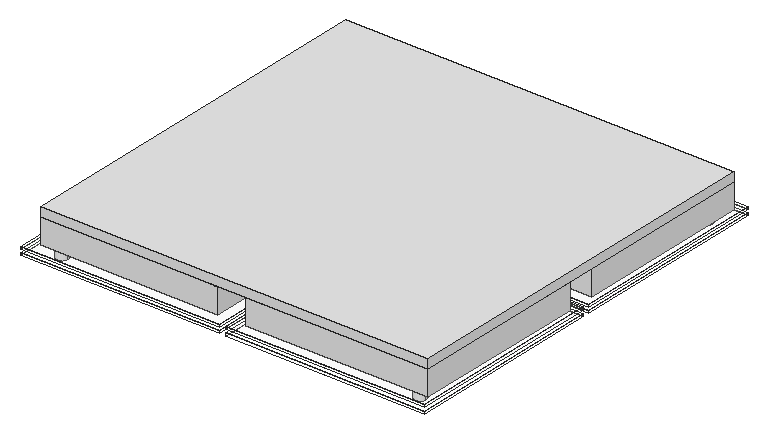
Revit family
Parameters (values of type "W710*D710")
  Wattage = 80 W
  built-in parameter 1150110 = 1 (stored number, unit not read)
  built-in parameter 1114217 = 1 (stored number, unit not read)
  built-in parameter 1150109 = 1 (stored number, unit not read)
  built-in parameter 1150134 = 8
  built-in parameter 1150113 = 1 (stored number, unit not read)
  Manufacturer = ""
  built-in parameter 1150115 = 1 (stored number, unit not read)
  built-in parameter 1150105 = 2037.2 (stored number, unit not read)
  Light Source Symbol Size = 609.6 mm
  built-in parameter 1150137 = (empty or 0)
  built-in parameter 1150139 = (empty or 0)
  built-in parameter 1150112 = 1 (stored number, unit not read)
  built-in parameter 1150114 = 1 (stored number, unit not read)
  Lamp = ""
  Model = ""
  조명 상자 재료 = 금속 - 크롬(2)
  Lumens = 6400 lm
  Wattage Comments = "(4)20"
  폭 = 710 mm
  built-in parameter 1150132 = (empty or 0)
  built-in parameter 1150102 = (empty or 0)
  built-in parameter 1150138 = (empty or 0)
  built-in parameter 1150107 = 4230 (stored number, unit not read)
  built-in parameter 1150106 = 20.372 (stored number, unit not read)
  하드웨어 재료 = 금속 - 크롬(2)
  유리 상자 재료 = 흰색 유리
  Emit from Rectangle Width = 깊이  # 710 mm
  Emit from Rectangle Length = 폭  # 710 mm
  Emit Shape Visible in Rendering = no
  built-in parameter 1150104 = 7.4322 (stored number, unit not read)
  Dimming Lamp Color Temperature Shift = (empty or 0)
  깊이 = 710 mm
  Color Filter = 16777215
  built-in parameter 1114218 = 1 (stored number, unit not read)
  built-in parameter 1150133 = 10 (stored number, unit not read)
Types (4, lengths in mm): name | 폭 | Emit from Rectangle Width | Emit from Rectangle Length | 깊이
  (no name) | 710 | 710 | 710 | 710
  W610*D610 | 610 | 610 | 610 | 610
  W710*D710 | 710 | 710 | 710 | 710
  W810*D810 | 810 | 810 | 810 | 810
Reference planes
  plane 1 "광원 축": y = -54.666
  plane 2 "천장": z = 2438.4
  plane 3 "광원 축": x = -23.504
  plane 4 "조명원 높이값": z = 2398.4
  plane 5: x = -378.504
  plane 6: x = 331.496
  plane 7: y = 300.334
  plane 8: y = -409.666
Forms (mm)
  Extrusion 1, solid, material "흰색 유리" <- "유리 상자 재료"
    sketch origin (0, 0, 2438.4) x (1, 0, 0) y (0, 1, 0)
      loop
        line (-378.504, 300.334) -> (-378.504, -49.666) -> (-28.504, -49.666) -> (-28.504, 300.334) -> (-378.504, 300.334)
      loop
        line (-378.504, -409.666) -> (-28.504, -409.666) -> (-28.504, -59.666) -> (-378.504, -59.666) -> (-378.504, -409.666)
      loop
        line (331.496, 300.334) -> (-18.504, 300.334) -> (-18.504, -49.666) -> (331.496, -49.666) -> (331.496, 300.334)
      loop
        line (331.496, -409.666) -> (331.496, -59.666) -> (-18.504, -59.666) -> (-18.504, -409.666) -> (331.496, -409.666)
    from -74.978 to -69.978
  Extrusion 2, solid, material "금속 - 크롬(2)" <- "조명 상자 재료"
    sketch origin (0, 0, 2438.4) x (1, 0, 0) y (0, 1, 0)
      loop
        line (-358.504, 280.334) -> (-358.504, -29.666) -> (-48.504, -29.666) -> (-48.504, 280.334) -> (-358.504, 280.334)
      loop
        line (1.496, 280.334) -> (1.496, -29.666) -> (321.496, -29.666) -> (321.496, 280.334) -> (1.496, 280.334)
      loop
        line (1.496, -79.666) -> (1.496, -389.666) -> (321.496, -389.666) -> (321.496, -79.666) -> (1.496, -79.666)
      loop
        line (-358.504, -79.666) -> (-358.504, -389.666) -> (-48.504, -389.666) -> (-48.504, -79.666) -> (-358.504, -79.666)
      loop
        line (-348.504, 270.334) -> (-348.504, -19.666) -> (-58.504, -19.666) -> (-58.504, 270.334) -> (-348.504, 270.334)
      loop
        line (11.496, 270.334) -> (11.496, -19.666) -> (311.496, -19.666) -> (311.496, 270.334) -> (11.496, 270.334)
      loop
        line (11.496, -89.666) -> (11.496, -379.666) -> (311.496, -379.666) -> (311.496, -89.666) -> (11.496, -89.666)
      loop
        line (-348.504, -89.666) -> (-348.504, -379.666) -> (-58.504, -379.666) -> (-58.504, -89.666) -> (-348.504, -89.666)
    from -59.933 to -15.932
  Extrusion 3, solid, material "금속 - 크롬(2)" <- "조명 상자 재료"
    sketch origin (0, 0, 2438.4) x (1, 0, 0) y (0, 1, 0)
      loop
        line (-358.504, 280.334) -> (-358.504, -389.666) -> (321.496, -389.666) -> (321.496, 280.334) -> (-358.504, 280.334)
    from -15.932 to 0
  Extrusion 4, solid, material "흰색 유리" <- "유리 상자 재료"
    sketch origin (0, 0, 2438.4) x (1, 0, 0) y (0, 1, 0)
      loop
        line (-378.504, 300.334) -> (-378.504, -49.666) -> (-28.504, -49.666) -> (-28.504, 300.334) -> (-378.504, 300.334)
      loop
        line (-18.504, 300.334) -> (-18.504, -49.666) -> (331.496, -49.666) -> (331.496, 300.334) -> (-18.504, 300.334)
      loop
        line (-378.504, -59.666) -> (-378.504, -409.666) -> (-28.504, -409.666) -> (-28.504, -59.666) -> (-378.504, -59.666)
      loop
        line (-18.504, -59.666) -> (-18.504, -409.666) -> (331.496, -409.666) -> (331.496, -59.666) -> (-18.504, -59.666)
    from -64.956 to -59.933
  Extrusion 5, solid, material "금속 - 크롬(2)" <- "하드웨어 재료"
    sketch origin (0, 0, 2438.4) x (1, 0, 0) y (0, 1, 0)
      loop
        circle (-337.852, 259.683) r 10
      loop
        circle (290.845, 259.683) r 10
      loop
        circle (290.845, -369.015) r 10
      loop
        circle (-337.852, -369.015) r 10
    from -79.978 to -59.933
Lines and regions (mm)
  Opening 1
    outline origin (0, 0, 2438.4) x (1, 0, 0) y (0, 1, 0)
      loop
        line (-358.504, 280.334) -> (-358.504, -389.666) -> (321.496, -389.666) -> (321.496, 280.334) -> (-358.504, 280.334)
  sketch lines
    curve 1: line (-1547.504, 1469.334, 0) -> (1500.496, 1469.334, 0)
    curve 2: line (-1547.504, 1469.334, 0) -> (-1547.504, -1578.666, 0)
    curve 3: line (-1547.504, -1578.666, 0) -> (1500.496, -1578.666, 0)
    curve 4: line (1500.496, 1469.334, 0) -> (1500.496, -1578.666, 0)
  model lines
    curve 5: arc (-111.795, -7.712, 2438.4) -> (64.714, -101.759, 2438.4) -> (-111.647, -7.435, 2438.4) r 100
    curve 6: line (-378.504, 300.334, 2438.4) -> (-94.214, 16.045, 2438.4)
    curve 7: line (331.496, 300.334, 2438.4) -> (47.207, 16.045, 2438.4)
    curve 8: line (-378.504, -409.666, 2438.4) -> (-94.214, -125.377, 2438.4)
    curve 9: line (47.207, -125.377, 2438.4) -> (331.496, -409.666, 2438.4)
    curve 10: line (-378.504, 300.334, 2438.4) -> (331.496, 300.334, 2438.4)
    curve 11: line (-378.504, -409.666, 2438.4) -> (-378.504, 300.334, 2438.4)
    curve 12: line (331.496, -409.666, 2438.4) -> (-378.504, -409.666, 2438.4)
    curve 13: line (331.496, 300.334, 2438.4) -> (331.496, -409.666, 2438.4)
Dimensions and locks
  equal spacing: curve 2, plane 3 "광원 축", curve 4
  equal spacing: curve 3, plane 1 "광원 축", curve 1
  curve 2 to curve 4 = 3048 mm
  curve 3 to curve 1 = 3048 mm
  equal spacing: plane 5, plane 3 "광원 축", plane 6
  equal spacing: plane 8, plane 1 "광원 축", plane 7
  "폭": plane 5 to plane 6
  "깊이": plane 8 to plane 7
  aligned and locked: Opening 1 sketch curve to Extrusion 2  (x4)
  aligned and locked: Extrusion 3 sketch curve to host ceiling  (x3)
  aligned and locked: host ceiling to Extrusion 3 sketch curve
  aligned and locked: plane 2 "천장" to Extrusion 3
  aligned and locked: Extrusion 1 to Extrusion 4 sketch curve  (x4)
  aligned and locked: Extrusion 4 sketch curve to Extrusion 1  (x12)
  aligned and locked: Extrusion 2 to Extrusion 4
  aligned and locked: curve 6 to Extrusion 1
  aligned and locked: Extrusion 1 to curve 7
  aligned and locked: curve 8 to Extrusion 1
  aligned and locked: curve 9 to Extrusion 1
  aligned and locked: curve 13 to Extrusion 1
  aligned and locked: plane 7 to Extrusion 1 sketch curve
  aligned and locked: Extrusion 1 sketch curve to Extrusion 1 sketch curve
  aligned and locked: Extrusion 1 sketch curve to plane 5  (x2)
  aligned and locked: Extrusion 1 sketch curve to plane 8  (x2)
  aligned and locked: plane 6 to Extrusion 1 sketch curve
  aligned and locked: Extrusion 1 sketch curve to plane 6
  aligned and locked: curve 11 to plane 5
  aligned and locked: Extrusion 2 sketch curve to Extrusion 2 sketch curve  (x8)
  aligned and locked: plane 3 "광원 축" to imposter light
  aligned and locked: plane 1 "광원 축" to imposter light
  aligned and locked: plane 4 "조명원 높이값" to imposter light
Automatic sketch dimensions
  Extrusion 2 sketch curve to Extrusion 2 sketch curve = 10 mm  (x12)
  plane 7 to Extrusion 2 sketch curve = 30 mm
  Extrusion 2 sketch curve to plane 3 "광원 축" = 35 mm  (x2)
  plane 3 "광원 축" to Extrusion 2 sketch curve = 25 mm  (x2)
  Extrusion 2 sketch curve to plane 1 "광원 축" = 25 mm
  plane 6 to Extrusion 2 sketch curve = 20 mm
  plane 1 "광원 축" to Extrusion 2 sketch curve = 35 mm  (x2)
  Extrusion 2 sketch curve to plane 5 = 20 mm
  Extrusion 2 sketch curve to plane 1 "광원 축" = 35 mm
  Extrusion 2 sketch curve to plane 8 = 30 mm
  Extrusion 1 sketch curve to plane 3 "광원 축" = 5 mm  (x2)
  plane 3 "광원 축" to Extrusion 1 sketch curve = 5 mm  (x2)
  Extrusion 1 sketch curve to plane 1 "광원 축" = 5 mm  (x2)
  plane 1 "광원 축" to Extrusion 1 sketch curve = 5 mm  (x2)
  curve 5 to plane 1 "광원 축" = 0 mm
  curve 5 to plane 3 "광원 축" = 0 mm
  curve 8 to plane 3 "광원 축" = 70.711 mm
  curve 6 to plane 3 "광원 축" = 70.711 mm
  plane 3 "광원 축" to curve 7 = 70.711 mm
  plane 3 "광원 축" to curve 9 = 70.711 mm
  plane 1 "광원 축" to curve 8 = 70.711 mm
  plane 1 "광원 축" to curve 9 = 70.711 mm
  curve 6 to plane 1 "광원 축" = 70.711 mm
  curve 7 to plane 1 "광원 축" = 70.711 mm
  Extrusion 5 sketch curve to plane 5 = 40.651 mm  (x2)
  plane 7 to Extrusion 5 sketch curve = 40.651 mm  (x2)
  plane 6 to Extrusion 5 sketch curve = 40.651 mm  (x2)
  Extrusion 5 sketch curve to plane 8 = 40.651 mm  (x2)
  radius of curve 5 = 100 mm
  radius of Extrusion 5 sketch curve = 10 mm  (x4)
